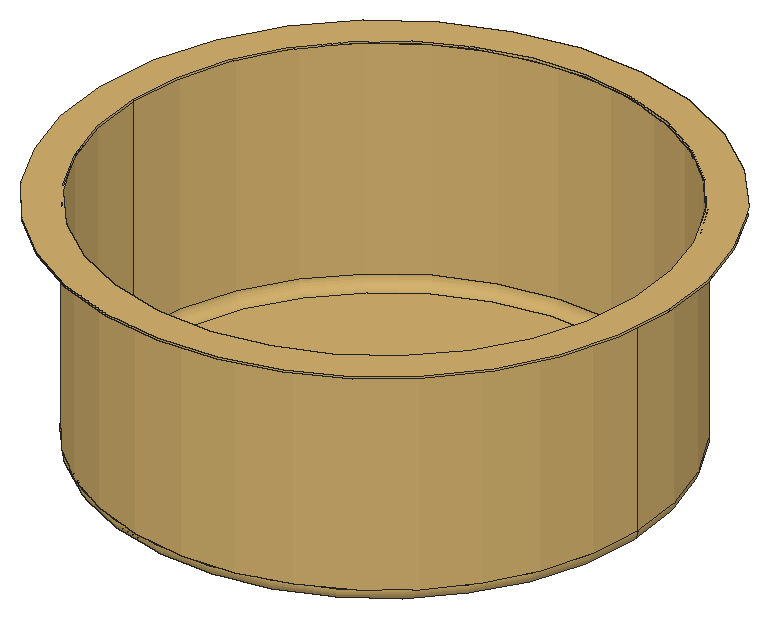
Revit family "BUILDMAT-SNCTBG33-Divya-MKII-450-Round-Sink-Brass-Gold", category Plumbing Fixtures, host Face, Revit 2026
Family settings
  Host = Face
  Round Connector Dimension = Use Diameter
  Part Type = Normal
  Enable Cutting in Views = Yes
  Cut with Voids When Loaded = Yes
  Maintain Annotation Orientation = No
  Shared = No
  Room Calculation Point = No
Parameters
  Width = 450 mm
  Undermount [instance] = 0 mm
  Material = BUILDMAT Brass Gold
  Depth = 183 mm
  Default Elevation = 1219.2 mm
Reference planes
  plane 1 "Center (Front/Back)": y = 0
  plane 2: z = 0
  plane 3 "Center (Left/Right)": x = 0
  plane 4: x = -225
  plane 5: x = 225
  plane 6: y = 225
  plane 7: y = -225
  plane 8: x = -199
  plane 9: x = 199
  plane 10: y = 199
  plane 11: y = -199
  plane 12: x = -57
  plane 13: x = 57
  plane 14: x = -45
  plane 15: x = 45
  plane 16: y = -57
  plane 17: y = -46.5
  plane 18: y = 46.5
  plane 19: y = 57
  plane 20: z = -181.5
  plane 21 "Sink Rim Top": z = 1.5
  plane 22 "Sink Body Top": z = 0
  plane 23: z = -193.548
Forms (mm)
  Extrusion 1, void
    sketch origin (-225, -4572, 0) x (-1, 0, 0) y (0, -1, 0)
      loop
        circle (-225, -4572) r 200.5
    from -181.5 to 0
  Revolve 2, solid, material "BUILDMAT Brass Gold" <- "Material"
    sketch origin (0, 0, -20) x (1, 0, 0) y (0, 0, 1)
      loop
        line (-199, 20) -> (-200.5, 20) -> (-200.5, -143.548)
        arc (-200.5, -143.548) -> (-197.571, -150.62) -> (-190.5, -153.548) r 10
        line (-190.5, -153.548) -> (-57, -153.548) -> (-57, -152.048) -> (-190.5, -152.048)
        arc (-190.5, -152.048) -> (-196.51, -149.559) -> (-199, -143.548) r 8.5
        line (-199, -143.548) -> (-199, 20)
      axis (0, -153.548) -> (0, 20)
    angle from 0 to 360
  Sweep 3, solid, material "BUILDMAT Brass Gold" <- "Material"
    path in 3D
      loop
        arc (57, 0, -172.048) -> (0, 57, -172.048) -> (-57, 0, -172.048) r 57
        arc (-57, 0, -172.048) -> (0, -57, -172.048) -> (57, 0, -172.048) r 57
    profile origin (0, -57, -172.048) x (0, 1, 0) y (0, 0, 1)
      loop
        line (-1.5, 0) -> (-1.5, -1.953)
        arc (-1.5, -1.953) -> (0.696, -7.255) -> (5.998, -9.452) r 7.498
        line (5.998, -9.452) -> (10.5, -9.452) -> (10.5, -7.952) -> (5.998, -7.952)
        arc (5.998, -7.952) -> (1.757, -6.195) -> (0, -1.953) r 5.998
        line (0, -1.953) -> (0, 0) -> (-1.5, 0)
  Extrusion 4, solid, material "BUILDMAT Brass Gold" <- "Material"
    sketch origin (-225, -4572, 1.5) x (-1, 0, 0) y (0, -1, 0)
      loop
        circle (-225, -4572) r 225
      loop
        circle (-225, -4572) r 199
    from -1.5 to 0
  Extrusion 5, void
    sketch origin (-45, -4572, -193.548) x (0, -1, 0) y (-1, 0, 0)
      loop
        circle (-4572, -45) r 199
    from -193.548 to 0
Cuts and joins
  Extrusion 5 cuts Extrusion 4
Lines and regions (mm)
  sketch lines
    curve 1: arc (-57, 0, -172.048) -> (0, -57, -172.048) -> (57, 0, -172.048) r 57
    curve 2: arc (57, 0, -172.048) -> (0, 57, -172.048) -> (-57, 0, -172.048) r 57
Text (mm)
  text "Refer to www.buildmat.com.au for the most current product literature. \nAllow a +/- 5mm tolerance for dimensions shown in the product literature. \nPlease note product details are subject to change due to ongoing product development." at (0.056, -1035.857, 0), in view "Ref. Level"
Dimensions and locks
  plane 10 to plane 11 = 398 mm
  "Width": plane 6 to plane 7
  "Width": plane 4 to plane 5
  plane 8 to plane 9 = 398 mm
  plane 12 to plane 13 = 114 mm
  plane 14 to plane 15 = 90 mm
  equal spacing: plane 6, plane 1 "Center (Front/Back)", plane 7
  equal spacing: plane 4, plane 3 "Center (Left/Right)", plane 5
  equal spacing: plane 10, plane 1 "Center (Front/Back)", plane 11
  equal spacing: plane 8, plane 3 "Center (Left/Right)", plane 9
  "Undermount": host face to plane 22 "Sink Body Top"
  "Depth": plane 21 "Sink Rim Top" to plane 20
  plane 21 "Sink Rim Top" to plane 22 "Sink Body Top" = 1.5 mm
  plane 22 "Sink Body Top" to plane 20 = 181.5 mm
  aligned and locked: plane 2 to host face
  aligned and locked: level to host face
  aligned and locked: Revolve 2 to plane 22 "Sink Body Top"
Automatic sketch dimensions
  host sketch curve to host sketch curve = 2438.4 mm  (x2)
  Revolve 2 sketch curve to Revolve 2 sketch curve = 0 mm  (x2)
  Revolve 2 sketch curve to plane 8 = 0 mm
  plane 12 to Revolve 2 sketch curve = 0 mm
  Revolve 2 sketch curve to plane 3 "Center (Left/Right)" = 0 mm
  Revolve 2 sketch curve to plane 8 = 1.5 mm
  Revolve 2 sketch curve to Revolve 2 sketch curve = 8.5 mm
  plane 20 to Revolve 2 sketch curve = 17.952 mm
  plane 20 to Revolve 2 sketch curve = 7.952 mm
  Sweep 3 sketch curve to Sweep 3 sketch curve = 0 mm  (x2)
  Sweep 3 sketch curve to profile plane = 0 mm  (x2)
  Sweep 3 sketch curve to Sweep 3 sketch curve = 1.5 mm
  Sweep 3 sketch curve to profile plane = 5.998 mm
  Sweep 3 sketch curve to Sweep 3 sketch curve = 4.502 mm
  Sweep 3 sketch curve to profile plane = 1.953 mm
  Revolve 2 sketch curve to level = 0 mm
  Revolve 2 sketch curve to level = 18.5 mm
  Extrusion 4 sketch curve to Extrusion 4 sketch curve = 0 mm  (x2)
  plane 1 "Center (Front/Back)" to Extrusion 4 sketch curve = 0 mm
  Extrusion 4 sketch curve to plane 3 "Center (Left/Right)" = 0 mm
  plane 1 "Center (Front/Back)" to Extrusion 5 sketch curve = 0 mm
  Extrusion 5 sketch curve to plane 3 "Center (Left/Right)" = 0 mm
  radius of Extrusion 4 sketch curve = 225 mm
  radius of Extrusion 4 sketch curve = 199 mm
  radius of Extrusion 4 to Extrusion 1 sketch curve = 1.5 mm
  radius of Extrusion 5 sketch curve = 199 mm
